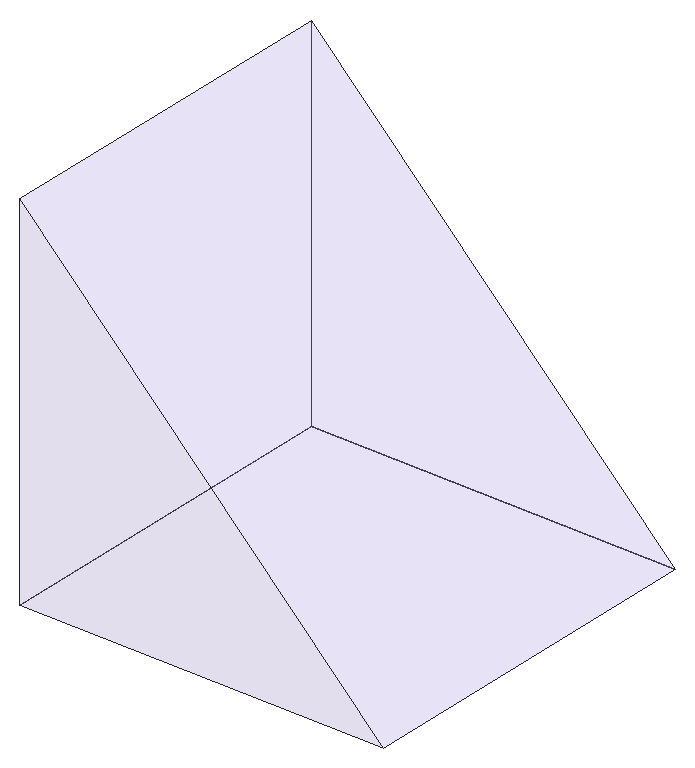
Revit family
Parameters (values of type "오른쪽")
  폭 [instance] = 9000 mm
  매스 재료 [instance] = 기본 매스
  높이 [instance] = 9000 mm
  깊이 [instance] = 9000 mm
  Default Elevation = 1219.2 mm
Reference planes
  plane 1 "중심(앞/뒤)": y = 12.955
  plane 2: z = 0
  plane 3 "중심(왼쪽/오른쪽)": x = -30.261
  plane 4: y = 4512.955
  plane 5: x = 4469.739
  plane 6: x = -4530.261
  plane 7: y = -4487.045
  plane 8: z = 9000
Forms (mm)
  Extrusion 1, solid, material "기본 매스" <- "매스 재료"
    sketch origin (0, 12.955, 0) x (1, 0, 0) y (0, 0, 1)
      loop
        line (-4530.261, 0) -> (4469.739, 0) -> (-4530.261, 9000) -> (-4530.261, 0)
    from -4500 to 4500
Dimensions and locks
  equal spacing: plane 6, plane 3 "중심(왼쪽/오른쪽)", plane 5
  "폭": plane 6 to plane 5
  equal spacing: plane 4, plane 1 "중심(앞/뒤)", plane 7
  "깊이": plane 4 to plane 7
  "높이": plane 8 to plane 2
  locked: level to plane 2
  aligned and locked: plane 6 to Extrusion 1 sketch curve
  aligned and locked: Extrusion 1 sketch curve to plane 2
  aligned and locked: plane 5 to Extrusion 1 sketch curve
  aligned and locked: plane 8 to Extrusion 1 sketch curve
  aligned and locked: Extrusion 1 to plane 4
  aligned and locked: Extrusion 1 to plane 7
